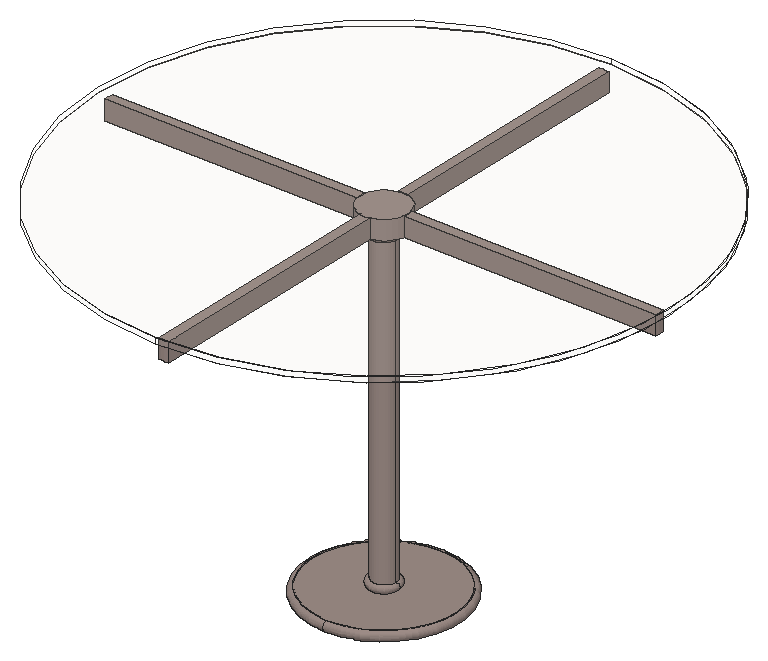
Revit family
Parameters (values of type "1200 mm dia")
  Top Material = Glass - Top
  Base Material = Wood
  Height = 750 mm
  Diameter-Base = 300 mm
  Diameter-Glass = 1200 mm
Types (3, lengths in mm): name | Diameter-Glass
  (no name) | 1200
  1000 mm dia | 1000
  1200 mm dia | 1200
Reference planes
  plane 1 "Center (Front/Back)": y = 0
  plane 2: z = 0
  plane 3 "Center (Left/Right)": x = 0
  plane 4: x = -600
  plane 5: x = 600
  plane 6: y = 600
  plane 7: y = -600
  plane 8: z = 750
  plane 9: y = 150
  plane 10: y = -150
  plane 11: x = -150
  plane 12: x = 150
  plane 13 "Mask Level": z = 650
Forms (mm)
  Extrusion 1, solid, material "Glass - Top" <- "Top Material"
    sketch origin (0, 0, 750) x (0, 1, 0) y (-1, 0, 0)
      loop
        circle (0, 0) r 600
    from 0 to -12
  Extrusion 2, solid, material "Wood" <- "Base Material"
    sketch origin (0, 0, 750) x (0, 1, 0) y (-1, 0, 0)
      loop
        circle (0, 0) r 50
    from -12 to -52
  Extrusion 3, solid, material "Wood" <- "Base Material"
    sketch origin (0, 0, 0) x (1, 0, 0) y (0, 1, 0)
      loop
        circle (0, 0) r 150
    from 0 to 20
  Extrusion 4, solid, material "Wood" <- "Base Material"
    sketch origin (0, 0, 0) x (1, 0, 0) y (0, 1, 0)
      loop
        circle (0, 0) r 24.87
    from 20 to 698
  Sweep 5, solid, material "Wood" <- "Base Material"
    path in 3D
      loop
        arc (0, 150, 20) -> (150, 0, 20) -> (0, -150, 20) r 150
        arc (0, -150, 20) -> (-150, 0, 20) -> (0, 150, 20) r 150
    profile origin (0, 0, 0) x (-1, 0, 0) y (0, 0, 1)
      loop
        line (150, 20) -> (150, 0)
        arc (150, 0) -> (160, 10) -> (150, 20) r 10
  Sweep 6, solid, material "Wood" <- "Base Material"
    path in 3D
      loop
        arc (24.87, 0, 698) -> (0, -24.87, 698) -> (-24.87, 0, 698) r 24.87
        arc (-24.87, 0, 698) -> (0, 24.87, 698) -> (24.87, 0, 698) r 24.87
    profile origin (0, 0, 0) x (0, 1, 0) y (0, 0, 1)
      loop
        line (24.87, 698) -> (24.87, 682.551)
        arc (24.87, 682.551) -> (32.594, 690.275) -> (24.87, 698) r 7.725
  Sweep 7, solid, material "Wood" <- "Base Material"
    path in 3D
      loop
        arc (24.87, 0, 698) -> (0, -24.87, 698) -> (-24.87, 0, 698) r 24.87
        arc (-24.87, 0, 698) -> (0, 24.87, 698) -> (24.87, 0, 698) r 24.87
    profile origin (0, 0, 0) x (0, 1, 0) y (0, 0, 1)
      loop
        arc (24.87, 20) -> (32.582, 27.713) -> (24.87, 35.425) r 7.713
        line (24.87, 35.425) -> (24.87, 20)
  Extrusion 8, solid, material "Wood" <- "Base Material"
    sketch origin (0, 0, 750) x (0, 1, 0) y (-1, 0, 0)
      loop
        line (578.939, 10) -> (51.191, 10)
        arc (51.191, 10) -> (50.628, -0.029) -> (49.41, -10) r 153.253
        line (49.41, -10) -> (578.939, -10)
        arc (578.939, -10) -> (580, 0) -> (578.939, 10) r 47.662
    from -12 to -52
  Extrusion 9, solid, material "Wood" <- "Base Material"
    sketch origin (0, 0, 750) x (0, -1, 0) y (1, 0, 0)
      loop
        arc (578.939, -10) -> (580, 0) -> (578.939, 10) r 47.662
        line (578.939, 10) -> (48.09, 10)
        arc (48.09, 10) -> (48.365, -0.002) -> (47.987, -10) r 153.253
        line (47.987, -10) -> (578.939, -10)
    from -12 to -52
  Extrusion 10, solid, material "Wood" <- "Base Material"
    sketch origin (0, 0, 750) x (0, 1, 0) y (-1, 0, 0)
      loop
        line (10, -579.456) -> (10, -47.535)
        arc (10, -47.535) -> (0.004, -48.047) -> (-10, -47.72) r 119.448
        line (-10, -47.72) -> (-10, -579.456)
        arc (-10, -579.456) -> (0, -580.308) -> (10, -579.456) r 59.12
    from -12 to -52
  Extrusion 11, solid, material "Wood" <- "Base Material"
    sketch origin (0, 0, 750) x (0, 1, 0) y (-1, 0, 0)
      loop
        arc (10, 579.456) -> (0, 580.308) -> (-10, 579.456) r 59.12
        line (-10, 579.456) -> (-10, 49.853)
        arc (-10, 49.853) -> (0.012, 49.976) -> (10, 49.259) r 119.448
        line (10, 49.259) -> (10, 579.456)
    from -12 to -52
Lines and regions (mm)
  Masking region 1
    outline origin (0, 0, 650) x (-1, 0, 0) y (0, -1, 0)
      loop
        circle (0, 0) r 600
  sketch lines
    curve 1: arc (0, -150, 20) -> (-150, 0, 20) -> (0, 150, 20) r 150
    curve 2: arc (0, 150, 20) -> (150, 0, 20) -> (0, -150, 20) r 150
    curve 3: arc (-24.87, 0, 698) -> (0, 24.87, 698) -> (24.87, 0, 698) r 24.87
    curve 4: arc (24.87, 0, 698) -> (0, -24.87, 698) -> (-24.87, 0, 698) r 24.87
    curve 5: arc (-24.87, 0, 698) -> (0, 24.87, 698) -> (24.87, 0, 698) r 24.87
    curve 6: arc (24.87, 0, 698) -> (0, -24.87, 698) -> (-24.87, 0, 698) r 24.87
  symbolic lines
    curve 7: arc (0, 600, 0) -> (-600, 0, 0) -> (0, -600, 0) r 600
    curve 8: arc (0, 600, 0) -> (-600, 0, 0) -> (0, -600, 0) r 600
    curve 9: arc (0, -600, 0) -> (600, 0, 0) -> (0, 600, 0) r 600
  symbolic lines, detail levels medium+fine
    curve 10: arc (0, 150, 0) -> (-150, 0, 0) -> (0, -150, 0) r 150
    curve 11: arc (0, -150, 0) -> (150, 0, 0) -> (0, 150, 0) r 150
Dimensions and locks
  equal spacing: plane 4, plane 3 "Center (Left/Right)", plane 5
  "Diameter-Glass": plane 4 to plane 5
  equal spacing: plane 7, plane 1 "Center (Front/Back)", plane 6
  "Diameter-Glass": plane 7 to plane 6
  equal spacing: plane 9, plane 1 "Center (Front/Back)", plane 10
  "Diameter-Base": plane 9 to plane 10
  equal spacing: plane 11, plane 3 "Center (Left/Right)", plane 12
  "Diameter-Base": plane 11 to plane 12
  "Height": plane 8 to level
  plane 8 to plane 13 "Mask Level" = 100 mm
  aligned and locked: plane 6 to Extrusion 1 sketch curve
  aligned and locked: plane 7 to Extrusion 1 sketch curve
  aligned and locked: plane 3 "Center (Left/Right)" to Extrusion 2 sketch curve
  aligned and locked: Extrusion 2 to Extrusion 1
  aligned and locked: Extrusion 4 to Extrusion 2
  aligned and locked: Extrusion 4 to Extrusion 3
  aligned and locked: Extrusion 3 to level
  aligned and locked: profile plane to Sweep 5 sketch curve
  aligned and locked: Extrusion 2 to Sweep 6 sketch curve
  aligned and locked: profile plane to Sweep 6 sketch curve
  aligned and locked: Sweep 7 sketch curve to Extrusion 4
  aligned and locked: Extrusion 8 sketch curve to Extrusion 8 sketch curve
  aligned and locked: Extrusion 9 sketch curve to Extrusion 9 sketch curve
  aligned and locked: Extrusion 11 to Extrusion 1
  aligned and locked: Extrusion 10 to Extrusion 1
  aligned and locked: Extrusion 10 to Extrusion 2
  aligned and locked: Extrusion 2 to Extrusion 11
  aligned and locked: Extrusion 8 to Extrusion 2
  aligned and locked: Extrusion 8 to Extrusion 1
  aligned and locked: Extrusion 2 to Extrusion 9
  aligned and locked: Extrusion 9 to Extrusion 1
  aligned and locked: curve 7 to Extrusion 1
Automatic sketch dimensions
  Extrusion 1 sketch curve to plane 3 "Center (Left/Right)" = 0 mm
  Extrusion 2 sketch curve to plane 1 "Center (Front/Back)" = 0 mm
  Extrusion 4 sketch curve to plane 1 "Center (Front/Back)" = 0 mm
  Extrusion 4 sketch curve to plane 3 "Center (Left/Right)" = 0 mm
  Sweep 5 sketch curve to Sweep 5 sketch curve = 10 mm
  Sweep 6 sketch curve to Sweep 6 sketch curve = 7.725 mm
  Sweep 7 sketch curve to profile plane = 0 mm
  Sweep 7 sketch curve to Sweep 7 sketch curve = 7.713 mm
  Extrusion 8 sketch curve to plane 3 "Center (Left/Right)" = 0 mm
  plane 1 "Center (Front/Back)" to Extrusion 8 sketch curve = 102.02 mm
  Extrusion 8 sketch curve to plane 9 = 98.809 mm
  plane 6 to Extrusion 8 sketch curve = 21.061 mm
  plane 3 "Center (Left/Right)" to Extrusion 8 sketch curve = 10 mm
  Extrusion 8 sketch curve to Extrusion 8 sketch curve = 1.781 mm
  Extrusion 8 sketch curve to Extrusion 8 sketch curve = 46.602 mm
  plane 3 "Center (Left/Right)" to Extrusion 9 sketch curve = 0.784 mm
  Extrusion 9 sketch curve to plane 3 "Center (Left/Right)" = 0 mm
  Extrusion 9 sketch curve to plane 1 "Center (Front/Back)" = 104.886 mm
  plane 10 to Extrusion 9 sketch curve = 102.013 mm
  Extrusion 9 sketch curve to plane 7 = 67.662 mm
  Extrusion 9 sketch curve to plane 3 "Center (Left/Right)" = 10 mm
  Extrusion 9 sketch curve to plane 7 = 21.061 mm
  Extrusion 10 sketch curve to plane 1 "Center (Front/Back)" = 0 mm
  plane 1 "Center (Front/Back)" to Extrusion 10 sketch curve = 1.099 mm
  Extrusion 10 sketch curve to plane 12 = 102.28 mm
  plane 1 "Center (Front/Back)" to Extrusion 10 sketch curve = 10 mm
  Extrusion 10 sketch curve to plane 1 "Center (Front/Back)" = 10 mm
  Extrusion 10 sketch curve to plane 5 = 78.811 mm
  Extrusion 10 sketch curve to plane 5 = 20.544 mm
  Extrusion 10 sketch curve to plane 3 "Center (Left/Right)" = 71.396 mm
  Extrusion 11 sketch curve to plane 1 "Center (Front/Back)" = 0 mm
  plane 1 "Center (Front/Back)" to Extrusion 11 sketch curve = 3.539 mm
  plane 11 to Extrusion 11 sketch curve = 100.147 mm
  plane 1 "Center (Front/Back)" to Extrusion 11 sketch curve = 10 mm
  Extrusion 11 sketch curve to plane 1 "Center (Front/Back)" = 10 mm
  plane 3 "Center (Left/Right)" to Extrusion 11 sketch curve = 69.419 mm
  plane 4 to Extrusion 11 sketch curve = 78.811 mm
  plane 4 to Extrusion 11 sketch curve = 20.544 mm
  curve 10 to plane 3 "Center (Left/Right)" = 0 mm
  curve 11 to plane 1 "Center (Front/Back)" = 0 mm
  curve 11 to plane 10 = 0 mm
  curve 8 to plane 1 "Center (Front/Back)" = 0 mm
  curve 8 to plane 3 "Center (Left/Right)" = 0 mm
  curve 8 to plane 7 = 0 mm
  Extrusion 2 sketch curve to Extrusion 2 sketch curve = 50 mm
  Extrusion 3 sketch curve to Extrusion 3 sketch curve = 0 mm  (x2)
  Extrusion 3 sketch curve to plane 3 "Center (Left/Right)" = 0 mm
  Extrusion 3 sketch curve to plane 1 "Center (Front/Back)" = 0 mm
  Extrusion 3 sketch curve to Extrusion 3 sketch curve = 150 mm
  Masking region 1 sketch curve to Masking region 1 sketch curve = 0 mm  (x2)
  Masking region 1 sketch curve to plane 3 "Center (Left/Right)" = 0 mm
  Masking region 1 sketch curve to plane 6 = 0 mm
  Masking region 1 sketch curve to plane 1 "Center (Front/Back)" = 0 mm
  radius of Extrusion 4 sketch curve = 24.87 mm
